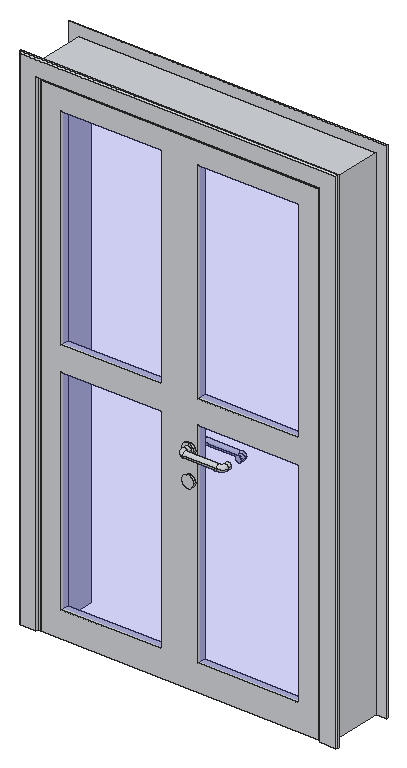
Revit family "Porta de entrada dupla com revestimento", category Portas, Revit 2019
Family settings
  Hospedeiro = Parede
  Número OmniClass = 23.30.10.00
  Título OmniClass = Doors
  Sempre na vertical = Sim
  Corte com vazios quando carregada = Não
  Compartilhado = Não
  Ponto de cálculo do ambiente = Não
Parameters (values of type "1240 x 2100mm")
  W2 = Width / 2  # 620 mm
  W1 = Width - 2 * Largura da estrutura + 20 mm  # 1160 mm
  Visual Light Transmittance = 0
  Largura da apara = 70 mm
  Espessura da apara = 10 mm
  Material da apara = none
  Espessura = 35 mm
  Solar Heat Gain Coefficient = 0
  Rough Width = Width  # 1240 mm
  Rough Height = Height  # 2100 mm
  Material do painel = none
  Largura da moldura do painel = 75 mm
  ID do tipo de construção = ""
  Coeficiente de transferência de calor (U) = 3.7021 W/(m²·K)
  Material do puxador = none
  Vidro = none
  Função = Exterior
  Largura da estrutura = 50 mm
  Height = 2100 mm
  Fechamento da parede = Por hospedeiro
  Width = 1240 mm
  Material da moldura = none
  Construção analítica = Metal
Types (5, lengths in mm): name | W2 | W1 | Espessura da apara | Rough Width | Width
  (no name) | 620 | 1160 | 10 | 1240 | 1240
  1840 x 2100mm | 920 | 1760 | 8 | 1840 | 1840
  1640 x 2100mm | 820 | 1560 | 10 | 1640 | 1640
  1440 x 2100mm | 720 | 1360 | 10 | 1440 | 1440
  1240 x 2100mm | 620 | 1160 | 10 | 1240 | 1240
Reference planes
  plane 1 "Centro (Frente/Trás)": y = 0
  plane 2 "Centro (Esquerda/Direita)": x = 0
  plane 3 "Esquerda": x = -620
  plane 4 "Direita": x = 620
  plane 5: z = 2100
  plane 6 "Exterior": y = 125
  plane 7 "Interior": y = -125
  plane 8: z = 1050
  plane 9: z = 0
  plane 10: z = 1100
  plane 11: z = 1000
  plane 12: y = -90
  plane 13: z = 110
  plane 14: x = 495
  plane 15: x = -495
  plane 16: x = 570
  plane 17: x = -570
  plane 18: z = 1975
  plane 19: x = 535
  plane 20 "Vidro": y = -107.5
  plane 21: z = 2015
  plane 22: x = -535
  plane 23: z = 1060
  plane 24: z = 1040
  plane 25: z = 70
  plane 26: z = 2050
  plane 27: x = 545
  plane 28: x = -545
  plane 29: z = 2025
  plane 30: z = 1025
  plane 31: x = -532.5
  plane 32: x = -75
  plane 33: x = 75
  plane 34: z = 900
Forms (mm)
  Extrusion 1, solid, material <- "Material do painel", detail levels medium
    sketch origin (0, -125, 0) x (1, 0, 0) y (0, 0, 1)
      loop
        line (570, 2050) -> (-570, 2050) -> (-570, 0) -> (570, 0) -> (570, 2050)
      loop
        line (495, 1975) -> (75, 1975) -> (75, 1100) -> (495, 1100) -> (495, 1975)
      loop
        line (495, 110) -> (495, 1000) -> (75, 1000) -> (75, 110) -> (495, 110)
      loop
        line (-495, 1975) -> (-495, 1100) -> (-75, 1100) -> (-75, 1975) -> (-495, 1975)
      loop
        line (-495, 110) -> (-75, 110) -> (-75, 1000) -> (-495, 1000) -> (-495, 110)
    from -35 to 0
  Extrusion 2, solid, material <- "Vidro", detail levels medium+fine
    sketch origin (0, -107.5, 0) x (-1, 0, 0) y (0, 0, 1)
      loop
        line (535, 70) -> (535, 1040) -> (-535, 1040) -> (-535, 70) -> (535, 70)
      loop
        line (535, 1060) -> (535, 2015) -> (-535, 2015) -> (-535, 1060) -> (535, 1060)
    from -7 to 7
  Extrusion 3, solid, material <- "Vidro", detail levels fine
    sketch origin (0, -107.5, 0) x (-1, 0, 0) y (0, 0, 1)
      loop
        line (535, 70) -> (535, 1040) -> (-535, 1040) -> (-535, 70) -> (535, 70)
      loop
        line (535, 1060) -> (535, 2015) -> (-535, 2015) -> (-535, 1060) -> (535, 1060)
    from -7 to 7
  Extrusion 4, solid, material <- "Material do painel", detail levels coarse
    sketch origin (0, -125, 0) x (1, 0, 0) y (0, 0, 1)
      loop
        line (620, 2100) -> (-620, 2100) -> (-620, 0) -> (620, 0) -> (620, 2100)
      loop
        line (-75, 2025) -> (-545, 2025) -> (-545, 1100) -> (-75, 1100) -> (-75, 2025)
      loop
        line (545, 110) -> (545, 1000) -> (75, 1000) -> (75, 110) -> (545, 110)
      loop
        line (-545, 110) -> (-75, 110) -> (-75, 1000) -> (-545, 1000) -> (-545, 110)
      loop
        line (545, 1100) -> (545, 2025) -> (75, 2025) -> (75, 1100) -> (545, 1100)
    from -35 to 0
  Extrusion 5, solid, material <- "Vidro", detail levels coarse
    sketch origin (0, -107.5, 0) x (-1, 0, 0) y (0, 0, 1)
      loop
        line (545, 70) -> (545, 1040) -> (-545, 1040) -> (-545, 70) -> (545, 70)
      loop
        line (545, 1060) -> (545, 2025) -> (-545, 2025) -> (-545, 1060) -> (545, 1060)
    from -7 to 7
  Sweep 6, solid, material <- "Material da moldura", detail levels medium
    path origin (0, -125, 0) x (1, 0, 0) y (0, 0, 1)
      loop
        line (-620, 0) -> (-620, 2100) -> (620, 2100) -> (620, 0)
    profile origin (620, -125, 1050) x (0, -1, 0) y (1, 0, 0)
      loop
        line (-250, -50) -> (0, -50) -> (0, 0) -> (-250, 0) -> (-250, -50)
  Sweep 7, solid, material <- "Material da moldura", detail levels fine
    path origin (0, -125, 0) x (1, 0, 0) y (0, 0, 1)
      loop
        line (-620, 0) -> (-620, 2100) -> (620, 2100) -> (620, 0)
    profile origin (620, -125, 1050) x (0, -1, 0) y (1, 0, 0)
      loop
        line (-250, -50) -> (-38, -50) -> (-38, -40) -> (0, -40) -> (0, 0) -> (-250, 0) -> (-250, -50)
  Extrusion 8, solid, material <- "Material do painel", detail levels fine
    sketch origin (0, -125, 0) x (1, 0, 0) y (0, 0, 1)
      loop
        line (580, 2060) -> (-580, 2060) -> (-580, 0) -> (580, 0) -> (580, 2060)
      loop
        line (495, 1975) -> (75, 1975) -> (75, 1100) -> (495, 1100) -> (495, 1975)
      loop
        line (495, 110) -> (495, 1000) -> (75, 1000) -> (75, 110) -> (495, 110)
      loop
        line (-495, 1975) -> (-495, 1100) -> (-75, 1100) -> (-75, 1975) -> (-495, 1975)
      loop
        line (-495, 110) -> (-75, 110) -> (-75, 1000) -> (-495, 1000) -> (-495, 110)
    from -35 to 0
  Sweep 9, solid, material <- "Material da apara", detail levels fine
    path origin (0, -125, 0) x (1, 0, 0) y (0, 0, 1)
      loop
        line (620, 0) -> (620, 2100) -> (-620, 2100) -> (-620, 0)
    profile "Perfil da apara : Perfil da apara" origin (0, -125, 2100) x (0, 0, -1) y (0, -1, 0)
      loop
        line (-43, 0) -> (27, 0) -> (27, 10) -> (-37, 10) -> (-43, 4) -> (-43, 0)
  Sweep 10, solid, material <- "Material da apara", detail levels fine
    path origin (0, 125, 0) x (1, 0, 0) y (0, 0, 1)
      loop
        line (-620, 0) -> (-620, 2100) -> (620, 2100) -> (620, 0)
    profile "Perfil da apara : Perfil da apara" origin (0, 125, 2100) x (0, 0, 1) y (0, -1, 0)
      loop
        line (43, 0) -> (-27, 0) -> (-27, -10) -> (37, -10) -> (43, -4) -> (43, 0)
Lines and regions (mm)
  Opening 1
    outline origin (-3050, -125, 0) x (1, 0, 0) y (0, 0, 1)
      loop
        line (2430, 0) -> (3670, 0) -> (3670, 2100) -> (2430, 2100) -> (2430, 0)
  symbolic lines, style "DoorsGlassProjection", detail levels medium
    curve 1: line (0, -107.5, 1975) -> (0, -107.5, 1100)
    curve 6: line (0, -107.5, 1000) -> (0, -107.5, 110)
  symbolic lines, style "DoorsGlassProjection", detail levels fine
    curve 2: line (0, -114.5, 1975) -> (0, -114.5, 1100)
    curve 3: line (0, -100.5, 1975) -> (0, -100.5, 1100)
    curve 4: line (0, -114.5, 1000) -> (0, -114.5, 110)
    curve 5: line (0, -100.5, 1000) -> (0, -100.5, 110)
  symbolic lines, style "Giro da elevação", detail levels coarse
    curve 7: line (-620, -107.5, 1050) -> (0, -107.5, 2100)
    curve 8: line (0, -107.5, 2100) -> (620, -107.5, 1050)
    curve 9: line (620, -107.5, 1050) -> (0, -107.5, 0)
    curve 10: line (0, -107.5, 0) -> (-620, -107.5, 1050)
  symbolic lines, style "Giro da elevação", detail levels medium+fine
    curve 11: line (-570, -107.5, 1025) -> (0, -107.5, 2050)
    curve 12: line (0, -107.5, 2050) -> (570, -107.5, 1025)
    curve 13: line (570, -107.5, 1025) -> (0, -107.5, 0)
    curve 14: line (0, -107.5, 0) -> (-570, -107.5, 1025)
  model lines, detail levels coarse
    curve 15: line (0, -125, 2100) -> (0, -125, 0)
    curve 18: line (0, -90, 2100) -> (0, -90, 0)
  model lines, detail levels fine
    curve 16: line (0, -125, 2060) -> (0, -125, 0)
  model lines, detail levels medium
    curve 17: line (0, -125, 2050) -> (0, -125, 0)
  model lines, detail levels medium+fine
    curve 19: line (0, -90, 2060) -> (0, -90, 0)
Text (mm)
  text "Externo" at (-2295.016, 1099.543, 0), in view "Nível de referência"
  text "Externo" at (0, 1615.38, 3698.081), in view "Esquerda"
  text "Externo" at (0, 1036.032, 3874.932), in view "Direita"
Dimensions and locks
  equal spacing: plane 3 "Esquerda", plane 2 "Centro (Esquerda/Direita)", plane 4 "Direita"
  "Width": plane 3 "Esquerda" to plane 4 "Direita"
  "Height": host wall to plane 5
  host wall to plane 5 = 2100 mm
  locked: plane 6 "Exterior" to host wall at 0
  locked: plane 7 "Interior" to host wall
  equal spacing: plane 9, plane 8, plane 5
  equal spacing: plane 11, plane 8, plane 10
  locked: plane 11 to plane 10 at 100
  "Espessura": plane 12 to plane 7 "Interior"
  locked: plane 9 to plane 13 at 110
  "Largura da estrutura": plane 16 to plane 4 "Direita"
  "Largura da estrutura": plane 3 "Esquerda" to plane 17
  locked: plane 14 to plane 19 at 40
  equal spacing: plane 12, plane 20 "Vidro", plane 7 "Interior"
  locked: plane 22 to plane 15 at 40
  plane 7 "Interior" to plane 6 "Exterior" = 250 mm
  "Largura da estrutura": plane 5 to plane 26
  locked: plane 18 to plane 21 at 40
  locked: plane 23 to plane 10 at 40
  locked: plane 11 to plane 24 at 40
  equal spacing: curve 3, plane 20 "Vidro", curve 2
  locked: curve 3 to curve 2 at 14
  "Largura da moldura do painel": plane 17 to plane 15
  "Largura da moldura do painel": plane 14 to plane 16
  "Largura da moldura do painel": plane 18 to plane 26
  locked: plane 25 to plane 13 at 40
  "Largura da moldura do painel": plane 27 to plane 4 "Direita"
  "Largura da moldura do painel": plane 3 "Esquerda" to plane 28
  "Largura da moldura do painel": plane 29 to plane 5
  equal spacing: plane 9, plane 30, plane 26
  plane 9 to nested 1 = 900 mm
  equal spacing: plane 17, plane 31, plane 15
  locked: plane 16 to Sweep 7 sketch curve at 10
  locked: Sweep 7 sketch curve to plane 12 at 3
  "Largura da moldura do painel": plane 2 "Centro (Esquerda/Direita)" to plane 32
  "Largura da moldura do painel": plane 33 to plane 2 "Centro (Esquerda/Direita)"
  locked: plane 34 to plane 9 at 900
  aligned and locked: plane 3 "Esquerda" to Opening 1 sketch curve
  aligned and locked: plane 5 to Opening 1 sketch curve  (x2)
  aligned and locked: Opening 1 sketch curve to plane 4 "Direita"
  aligned and locked: Opening 1 sketch curve to level
  aligned and locked: plane 1 "Centro (Frente/Trás)" to host wall
  aligned and locked: level to plane 9
  aligned and locked: plane 7 "Interior" to Extrusion 1
  aligned and locked: plane 12 to Extrusion 1
  aligned and locked: Extrusion 1 sketch curve to plane 18
  aligned and locked: Extrusion 1 sketch curve to plane 14  (x2)
  aligned and locked: Extrusion 1 sketch curve to plane 15  (x2)
  aligned and locked: Extrusion 1 sketch curve to plane 10
  aligned and locked: Extrusion 1 sketch curve to plane 11
  aligned and locked: plane 13 to Extrusion 1 sketch curve
  aligned and locked: plane 25 to Extrusion 2 sketch curve
  aligned and locked: plane 22 to Extrusion 2 sketch curve  (x2)
  aligned and locked: Extrusion 2 sketch curve to plane 24
  aligned and locked: plane 19 to Extrusion 2 sketch curve  (x2)
  aligned and locked: plane 23 to Extrusion 2 sketch curve
  aligned and locked: Extrusion 2 sketch curve to plane 21
  aligned and locked: plane 9 to Extrusion 1 sketch curve
  aligned: plane 8 to nested 1
  aligned: nested 1 to plane 19
  aligned and locked: plane 20 "Vidro" to curve 1
  aligned and locked: Extrusion 3 sketch curve to plane 22  (x2)
  aligned and locked: Extrusion 1 sketch curve to plane 16
  aligned and locked: Extrusion 1 sketch curve to plane 17
  aligned and locked: Extrusion 1 sketch curve to plane 26
  aligned and locked: plane 4 "Direita" to Extrusion 4 sketch curve
  aligned and locked: plane 27 to Extrusion 4 sketch curve  (x2)
  aligned and locked: plane 5 to Extrusion 4 sketch curve
  aligned and locked: plane 29 to Extrusion 4 sketch curve
  aligned and locked: Extrusion 4 sketch curve to plane 3 "Esquerda"
  aligned and locked: plane 28 to Extrusion 4 sketch curve  (x2)
  aligned and locked: plane 27 to Extrusion 5 sketch curve  (x2)
  aligned and locked: plane 29 to Extrusion 5 sketch curve
  aligned and locked: plane 28 to Extrusion 5 sketch curve  (x2)
  aligned and locked: nested 2 to plane 7 "Interior"
  aligned and locked: nested 2 to plane 4 "Direita"
  aligned and locked: plane 4 "Direita" to Sweep 6 sketch curve  (x2)
  aligned and locked: plane 5 to Sweep 6 sketch curve
  aligned and locked: plane 3 "Esquerda" to Sweep 6 sketch curve
  aligned and locked: plane 6 "Exterior" to Sweep 6 sketch curve
  aligned and locked: Sweep 6 sketch curve to plane 7 "Interior"
  aligned and locked: plane 16 to Sweep 6 sketch curve
  aligned and locked: plane 4 "Direita" to Sweep 7 sketch curve  (x2)
  aligned and locked: plane 5 to Sweep 7 sketch curve
  aligned and locked: plane 3 "Esquerda" to Sweep 7 sketch curve
  aligned and locked: plane 6 "Exterior" to Sweep 7 sketch curve
  aligned and locked: plane 16 to Sweep 7 sketch curve
  aligned and locked: Sweep 7 sketch curve to plane 7 "Interior"
  aligned and locked: Extrusion 8 sketch curve to Sweep 7  (x3)
  aligned and locked: plane 7 "Interior" to nested 3
  aligned and locked: Extrusion 8 to nested 3
  aligned and locked: Extrusion 4 sketch curve to plane 32
  aligned and locked: Extrusion 4 sketch curve to plane 33
  aligned and locked: Extrusion 4 sketch curve to plane 29
  aligned and locked: Extrusion 8 sketch curve to plane 32  (x2)
  aligned and locked: Extrusion 8 sketch curve to plane 33  (x2)
  aligned and locked: Extrusion 1 sketch curve to plane 32  (x2)
  aligned and locked: Extrusion 1 sketch curve to plane 33  (x2)
  aligned and locked: plane 10 to Extrusion 1 sketch curve
  aligned and locked: plane 11 to Extrusion 1 sketch curve
  aligned and locked: Extrusion 1 sketch curve to plane 13
  aligned and locked: nested 1 to plane 34
  aligned and locked: nested 1 to plane 20 "Vidro"
  aligned and locked: plane 8 to curve 10
  aligned and locked: plane 3 "Esquerda" to curve 10
  aligned and locked: plane 5 to curve 8
  aligned and locked: plane 2 "Centro (Esquerda/Direita)" to curve 8
  aligned and locked: plane 8 to curve 9
  aligned and locked: plane 4 "Direita" to curve 9
  aligned and locked: plane 30 to curve 14
  aligned and locked: plane 17 to curve 14
  aligned and locked: plane 2 "Centro (Esquerda/Direita)" to curve 12
  aligned and locked: plane 30 to curve 13
  aligned and locked: plane 16 to curve 13
  aligned and locked: plane 9 to curve 14
  aligned and locked: plane 2 "Centro (Esquerda/Direita)" to curve 14
  aligned and locked: plane 5 to curve 15
  aligned and locked: plane 9 to curve 15
  aligned and locked: curve 15 to plane 2 "Centro (Esquerda/Direita)"
  aligned and locked: Extrusion 8 to curve 16
  aligned and locked: curve 16 to plane 2 "Centro (Esquerda/Direita)"
  aligned and locked: Sweep 6 to curve 12
  aligned and locked: Sweep 6 to curve 17
  aligned and locked: plane 5 to curve 18
  aligned and locked: Extrusion 8 to curve 19
  aligned and locked: plane 9 to curve 19
  aligned and locked: plane 9 to curve 18
  aligned and locked: plane 2 "Centro (Esquerda/Direita)" to curve 19
  aligned and locked: plane 2 "Centro (Esquerda/Direita)" to curve 18
  aligned and locked: Sweep 9 sketch curve to host wall  (x3)
  aligned and locked: Sweep 10 sketch curve to host wall  (x3)
  aligned and locked: plane 12 to Extrusion 8
  aligned and locked: plane 12 to Extrusion 4
  aligned and locked: plane 18 to curve 1
Automatic sketch dimensions
  plane 19 to Extrusion 3 sketch curve = 0 mm  (x2)
  Extrusion 3 sketch curve to plane 25 = 0 mm
  Extrusion 3 sketch curve to plane 24 = 0 mm
  Extrusion 3 sketch curve to plane 23 = 0 mm
  Extrusion 3 sketch curve to plane 21 = 0 mm
  Extrusion 4 sketch curve to plane 11 = 0 mm  (x2)
  Extrusion 4 sketch curve to plane 32 = 0 mm
  plane 33 to Extrusion 4 sketch curve = 0 mm
  Extrusion 4 sketch curve to level = 0 mm
  Extrusion 4 sketch curve to plane 13 = 0 mm  (x2)
  Extrusion 4 sketch curve to plane 10 = 0 mm  (x2)
  Extrusion 5 sketch curve to plane 25 = 0 mm
  Extrusion 5 sketch curve to plane 24 = 0 mm
  Extrusion 5 sketch curve to plane 23 = 0 mm
  Sweep 6 sketch curve to level = 0 mm  (x2)
  Sweep 7 sketch curve to level = 0 mm  (x2)
  Extrusion 8 sketch curve to plane 10 = 0 mm  (x2)
  plane 15 to Extrusion 8 sketch curve = 0 mm  (x2)
  Extrusion 8 sketch curve to plane 11 = 0 mm  (x2)
  Extrusion 8 sketch curve to plane 14 = 0 mm  (x2)
  Extrusion 8 sketch curve to level = 0 mm
  Extrusion 8 sketch curve to plane 13 = 0 mm
  Extrusion 8 sketch curve to plane 18 = 0 mm  (x2)
  Extrusion 8 sketch curve to Extrusion 8 sketch curve = 0 mm
  Extrusion 1 sketch curve to plane 18 = 0 mm
  curve 17 to plane 2 "Centro (Esquerda/Direita)" = 0 mm
  curve 16 to level = 0 mm
  curve 17 to level = 0 mm
  Sweep 9 sketch curve to level = 0 mm  (x2)
  Sweep 10 sketch curve to level = 0 mm  (x2)
  curve 4 to plane 13 = 0 mm
  curve 4 to plane 11 = 0 mm
  curve 6 to plane 11 = 0 mm
  curve 6 to plane 20 "Vidro" = 0 mm
  curve 5 to plane 13 = 0 mm
  curve 5 to plane 11 = 0 mm
  curve 6 to plane 13 = 0 mm
  curve 1 to plane 10 = 0 mm
  curve 2 to plane 10 = 0 mm
  curve 3 to plane 10 = 0 mm
  curve 2 to plane 18 = 0 mm
  curve 3 to plane 18 = 0 mm
  curve 4 to curve 6 = 7 mm
  plane 20 "Vidro" to curve 5 = 7 mm
Nested families
  nested 1: "Maçaneta da porta 1" at (40, -113.114, 730), type "Puxador horizontal", detail levels fine
  nested 2: "Porta única_Giro da planta 3" at (0, -125, 0) x (-1, 0, 0) z (0, 0, 1), type "Porta única_Giro da planta 3"
  nested 3: "Porta única_Giro da planta 3" at (0, -125, 0), type "Porta única_Giro da planta 3"
Definition of nested family "Maçaneta da porta 1"
  Parameters
    Espessura do painel = 35 mm
    Distância do furo da trava = 120 mm
    Com furo para trava = yes
    Material do puxador = none
    Function = (empty or 0)
  Reference planes
    plane 1 "Centro (Frente/Trás)": y = 5.614
    plane 2: z = 0
    plane 3 "Centro (Esquerda/Direita)": x = 0
    plane 4 "Topo do puxador": z = 170
    plane 5: z = 50
    plane 6: y = -11.886
    plane 7: y = 23.114
  Forms (mm)
    Extrusion 1, solid, material <- "Material do puxador"
      sketch origin (0, 5.614, 0) x (1, 0, 0) y (0, 0, 1)
        loop
          circle (0, 170) r 25
      from 17.5 to 25.5
    Extrusion 2, solid, material <- "Material do puxador", visible <- "Com furo para trava"
      sketch origin (0, 0, -120) x (1, 0, 0) y (0, 0, 1)
        loop
          circle (0, 170) r 25
      from 11.886 to 19.886
    Sweep 3, solid, material <- "Material do puxador"
      path origin (0, 0, 1000) x (0, -1, 0) y (1, 0, 0)
        loop
          line (19.886, 0) -> (36.886, 0)
          arc (36.886, 0) -> (47.493, 4.393) -> (51.886, 15) r 15
          line (51.886, 15) -> (51.886, 155)
          arc (51.886, 155) -> (47.493, 165.607) -> (36.886, 170) r 15
          line (36.886, 170) -> (21.886, 170)
      profile origin (0, -28.386, 0) x (1, 0, 0) y (0, 0, 1)
        loop
          circle (0, 170) r 12
    Extrusion 4, solid, material <- "Material do puxador"
      sketch origin (0, 5.614, 0) x (1, 0, 0) y (0, 0, -1)
        loop
          circle (0, -170) r 25
      from 17.5 to 25.5
    Extrusion 5, solid, material <- "Material do puxador", visible <- "Com furo para trava"
      sketch origin (0, 11.228, -120) x (1, 0, 0) y (0, 0, -1)
        loop
          circle (0, -170) r 25
      from 11.886 to 19.886
    Sweep 6, solid, material <- "Material do puxador"
      path origin (0, 11.228, 1000) x (0, -1, 0) y (1, 0, 0)
        loop
          line (-19.886, 0) -> (-36.886, 0)
          arc (-36.886, 0) -> (-47.493, 4.393) -> (-51.886, 15) r 15
          line (-51.886, 15) -> (-51.886, 155)
          arc (-51.886, 155) -> (-47.493, 165.607) -> (-36.886, 170) r 15
          line (-36.886, 170) -> (-21.886, 170)
      profile origin (0, 39.614, 0) x (-1, 0, 0) y (0, 0, 1)
        loop
          circle (0, 170) r 12
  Dimensions and locks
    "Distância do furo da trava": plane 4 "Topo do puxador" to plane 5
    locked: Sweep 3 sketch curve to Sweep 3 sketch curve at 170
    locked: plane 4 "Topo do puxador" to plane 2 at 170
    equal spacing: plane 7, plane 1 "Centro (Frente/Trás)", plane 6
    "Espessura do painel": plane 7 to plane 6
    locked: Extrusion 2 to Extrusion 2 at 8
    locked: Extrusion 1 to Extrusion 1 at 8
    locked: plane 6 to Sweep 3 sketch curve at 25
    locked: plane 6 to Sweep 3 sketch curve at 40
    locked: Sweep 6 sketch curve to Sweep 6 sketch curve at 170
    locked: Extrusion 5 to Extrusion 5 at 8
    locked: Extrusion 4 to Extrusion 4 at 8
    locked: plane 7 to Sweep 6 sketch curve at 40
    locked: Sweep 6 sketch curve to plane 7 at 25
    locked: Sweep 6 sketch curve to Sweep 6 sketch curve at 15
    locked: Sweep 6 sketch curve to plane 7 at 10
    plane 6 to Sweep 3 sketch curve to Sweep 3 sketch curve = 10 mm locked, 15 mm locked
    radius of Sweep 3 sketch curve = 15 mm  (x2)
    radius of Extrusion 2 sketch curve = 25 mm
    radius of Sweep 3 sketch curve = 12 mm
    radius of Sweep 6 sketch curve = 15 mm  (x2)
    radius of Extrusion 5 sketch curve = 25 mm
    radius of Sweep 6 sketch curve = 12 mm
    radius of Extrusion 4 sketch curve = 25 mm
    aligned and locked: plane 4 "Topo do puxador" to Sweep 3 sketch curve
    aligned and locked: plane 3 "Centro (Esquerda/Direita)" to Sweep 3 sketch curve
    aligned and locked: plane 3 "Centro (Esquerda/Direita)" to Extrusion 2 sketch curve
    aligned and locked: plane 6 to Extrusion 2
    aligned and locked: plane 3 "Centro (Esquerda/Direita)" to Extrusion 1 sketch curve
    aligned and locked: plane 4 "Topo do puxador" to Extrusion 1 sketch curve
    aligned and locked: plane 6 to Extrusion 1
    aligned and locked: Extrusion 1 to plane 6
    aligned and locked: Extrusion 4 to plane 7
    aligned and locked: Extrusion 5 to plane 7
    aligned and locked: plane 5 to Extrusion 5 sketch curve
    aligned and locked: plane 3 "Centro (Esquerda/Direita)" to Extrusion 5 sketch curve
    aligned and locked: plane 4 "Topo do puxador" to Extrusion 4 sketch curve
    aligned and locked: plane 3 "Centro (Esquerda/Direita)" to Extrusion 4 sketch curve
    aligned and locked: Extrusion 4 to Sweep 6 sketch curve
    aligned and locked: Extrusion 1 to Sweep 3 sketch curve
  Automatic sketch dimensions
    Extrusion 2 sketch curve to plane 5 = 0 mm
    Sweep 3 sketch curve to plane 3 "Centro (Esquerda/Direita)" = 0 mm
    Sweep 6 sketch curve to plane 3 "Centro (Esquerda/Direita)" = 0 mm
    Sweep 6 sketch curve to profile plane = 0 mm
    radius of Extrusion 1 sketch curve = 25 mm
Definition of nested family "Porta única_Giro da planta 3"
  Parameters
    Width = 620 mm
    Thickness = 35 mm
    Rough Width = Width  # 620 mm
    Rough Height = Height  # 2100 mm
    Largura da moldura do painel = 75 mm
    Height = 2100 mm
    Largura da estrutura = 50 mm
  Reference planes
    plane 1 "Centro (Frente/Trás)": y = 0
    plane 2: z = 0
    plane 3 "Centro (Esquerda/Direita)": x = 0
    plane 4: x = -620
    plane 5: x = -585
    plane 6: y = 620
    plane 7: y = 570
    plane 8: y = 75
    plane 9: x = -602.5
    plane 10: y = 35
    plane 11: x = -570
    plane 12: x = -535
    plane 13: y = 520
    plane 14: y = 495
    plane 15: y = 545
    plane 16: x = -552.5
    plane 17: z = 2100
    plane 18: x = -50
    plane 19: x = -580
    plane 20: y = 505
    plane 21: x = -562.5
    plane 22: y = 580
    plane 23: y = 545
  Lines and regions (mm)
    Masking region 1, detail levels medium
      outline origin (80, -75, 0) x (1, 0, 0) y (0, 1, 0)
        loop
          line (-650, 645) -> (-650, 75) -> (-615, 75) -> (-615, 645) -> (-650, 645)
    Masking region 2, detail levels coarse
      outline origin (0, 0, 0) x (1, 0, 0) y (0, 1, 0)
        loop
          line (-620, 620) -> (-620, 0) -> (-585, 0) -> (-585, 620) -> (-620, 620)
    Masking region 3, detail levels fine
      outline origin (0, 0, 0) x (1, 0, 0) y (0, 1, 0)
        loop
          line (-580, 580) -> (-580, 0) -> (-545, 0) -> (-545, 580) -> (-580, 580)
    symbolic lines, detail levels coarse
      curve 1: line (-620, 0, 0) -> (-620, 75, 0)
      curve 2: line (-585, 620, 0) -> (-585, 545, 0)
      curve 3: line (-585, 0, 0) -> (-620, 0, 0)
      curve 7: line (-585, 620, 0) -> (-620, 620, 0)
      curve 15: arc (-620, 620, 0) -> (-181.594, 438.406, 0) -> (0, 0, 0) r 620
      curve 17: line (-620, 545, 0) -> (-620, 620, 0)
      curve 18: line (-620, 75, 0) -> (-620, 545, 0)
      curve 19: line (-585, 75, 0) -> (-585, 0, 0)
      curve 20: line (-585, 545, 0) -> (-585, 75, 0)
      curve 37: line (-585, 545, 0) -> (-620, 545, 0)
      curve 38: line (-585, 75, 0) -> (-620, 75, 0)
    symbolic lines, detail levels medium
      curve 4: line (-570, 570, 0) -> (-535, 570, 0)
      curve 5: line (-535, 570, 0) -> (-535, 495, 0)
      curve 6: line (-535, 0, 0) -> (-570, 0, 0)
      curve 12: line (-570, 75, 0) -> (-535, 75, 0)
      curve 13: line (-535, 495, 0) -> (-570, 495, 0)
      curve 14: line (-552.5, 495, 0) -> (-552.5, 75, 0)
      curve 21: line (-570, 75, 0) -> (-570, 495, 0)
      curve 22: line (-570, 495, 0) -> (-570, 570, 0)
      curve 23: line (-535, 495, 0) -> (-535, 75, 0)
      curve 33: line (-535, 75, 0) -> (-535, 0, 0)
      curve 34: line (-570, 0, 0) -> (-570, 75, 0)
      curve 36: arc (-570, 570, 0) -> (-166.949, 403.051, 0) -> (0, 0, 0) r 570
    symbolic lines, detail levels fine
      curve 8: line (-555.5, 545, 0) -> (-555.5, 35, 0)
      curve 9: line (-569.5, 35, 0) -> (-569.5, 545, 0)
      curve 10: line (-555.5, 35, 0) -> (-569.5, 35, 0)
      curve 11: line (-569.5, 545, 0) -> (-555.5, 545, 0)
      curve 24: line (-569.5, 75, 0) -> (-570, 75, 0)
      curve 25: line (-580, 0, 0) -> (-580, 580, 0)
      curve 26: line (-545, 580, 0) -> (-545, 0, 0)
      curve 27: line (-580, 580, 0) -> (-545, 580, 0)
      curve 28: line (-569.5, 505, 0) -> (-580, 505, 0)
      curve 29: line (-555.5, 505, 0) -> (-545, 505, 0)
      curve 30: line (-545, 0, 0) -> (-580, 0, 0)
      curve 31: line (-555.5, 75, 0) -> (-545, 75, 0)
      curve 32: line (-580, 75, 0) -> (-569.5, 75, 0)
      curve 35: arc (-580, 580, 0) -> (-169.878, 410.122, 0) -> (0, 0, 0) r 580
    model lines
      curve 16: line (-620, 0, 0) -> (-620, 0, 2100)
  Dimensions and locks
    "Thickness": plane 4 to plane 5
    "Largura da estrutura": plane 6 to plane 7
    locked: plane 8 to plane 10 at 40
    "Largura da estrutura": plane 4 to plane 11
    "Thickness": plane 11 to plane 12
    "Width": plane 1 "Centro (Frente/Trás)" to plane 6
    equal spacing: plane 11, plane 16, plane 12
    equal spacing: plane 4, plane 9, plane 5
    "Width": plane 4 to plane 3 "Centro (Esquerda/Direita)"
    "Largura da moldura do painel": plane 8 to plane 1 "Centro (Frente/Trás)"
    "Height": plane 17 to plane 2
    "Largura da estrutura": plane 18 to plane 3 "Centro (Esquerda/Direita)"
    equal spacing: plane 6, plane 7, plane 13
    locked: curve 26 to plane 12 at 10
    locked: plane 19 to plane 11 at 10
    locked: plane 21 to plane 16 at 10
    equal spacing: curve 9, plane 21, curve 8
    locked: curve 9 to curve 8 at 14
    "Largura da moldura do painel": plane 7 to plane 14
    locked: plane 22 to plane 7 at 10
    locked: plane 20 to plane 14 at 10
    locked: plane 15 to plane 20 at 40
    "Largura da moldura do painel": plane 6 to plane 23
    aligned and locked: level to plane 2
    aligned and locked: curve 1 to plane 4
    aligned and locked: curve 5 to plane 12
    aligned and locked: curve 6 to plane 1 "Centro (Frente/Trás)"
    aligned and locked: Masking region 2 sketch curve to plane 1 "Centro (Frente/Trás)"
    aligned and locked: Masking region 2 sketch curve to plane 4
    aligned and locked: Masking region 2 sketch curve to plane 5
    aligned and locked: Masking region 2 sketch curve to plane 6
    aligned and locked: plane 6 to curve 17
    aligned and locked: Masking region 1 sketch curve to plane 12
    aligned and locked: plane 11 to Masking region 1 sketch curve
    aligned and locked: Masking region 1 sketch curve to plane 1 "Centro (Frente/Trás)"
    aligned and locked: plane 6 to curve 2
    aligned and locked: plane 6 to Masking region 2
    aligned and locked: Masking region 2 to plane 4
    aligned and locked: plane 5 to Masking region 2
    aligned and locked: Masking region 1 to plane 11
    aligned and locked: plane 12 to Masking region 1
    aligned and locked: curve 3 to plane 1 "Centro (Frente/Trás)"
    aligned and locked: plane 1 "Centro (Frente/Trás)" to Masking region 1
    aligned and locked: curve 12 to plane 8
    aligned and locked: plane 14 to curve 13
    aligned and locked: plane 17 to curve 16
    aligned and locked: curve 33 to plane 12
    aligned and locked: plane 11 to curve 34
    aligned and locked: Masking region 3 sketch curve to curve 25
    aligned and locked: curve 26 to Masking region 3 sketch curve
    aligned and locked: Masking region 3 sketch curve to curve 30
    aligned and locked: plane 10 to curve 10
    aligned and locked: Masking region 3 to plane 19
    aligned and locked: plane 20 to curve 28
    aligned and locked: curve 29 to plane 20
    aligned and locked: plane 19 to curve 35  (x2)
    aligned and locked: plane 1 "Centro (Frente/Trás)" to curve 35  (x2)
    aligned and locked: curve 4 to plane 7
    aligned and locked: plane 22 to Masking region 3
    aligned and locked: plane 1 "Centro (Frente/Trás)" to curve 36  (x2)
    aligned and locked: plane 11 to curve 36
    aligned and locked: curve 22 to curve 36
    aligned and locked: plane 7 to Masking region 1
    aligned and locked: curve 27 to plane 22
    aligned and locked: curve 11 to plane 15
    aligned and locked: plane 16 to curve 14
    aligned and locked: curve 37 to plane 23
    aligned and locked: curve 37 to plane 4
    aligned and locked: plane 5 to curve 37
    aligned and locked: plane 8 to curve 38
  Automatic sketch dimensions
    plane 4 to curve 16 = 0 mm
    curve 16 to level = 0 mm
    plane 13 to Masking region 3 sketch curve = 60 mm
    Masking region 1 sketch curve to plane 7 = 0 mm
    plane 1 "Centro (Frente/Trás)" to curve 26 = 0 mm
    curve 31 to plane 8 = 0 mm
    curve 32 to plane 8 = 0 mm
